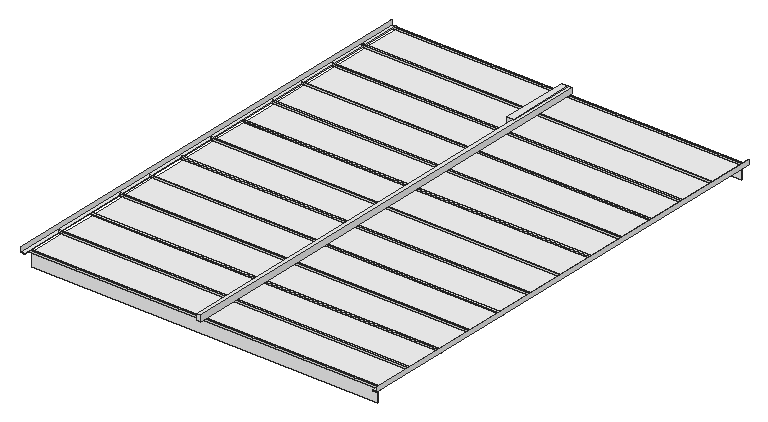
Revit family "Retractable-Canopy_ShadeFX", category Specialty Equipment, Revit 2022
Family settings
  Round Connector Dimension = Use Diameter
  Part Type = Normal
  OmniClass Number = 23.35.00.00
  OmniClass Title = Covering, Cladding, and Finishes
  Work Plane-Based = No
  Always vertical = Yes
  Cut with Voids When Loaded = No
  Maintain Annotation Orientation = No
  Shared = No
  Room Calculation Point = No
Parameters
  URL = "https://www.shadefxcanopies.com/"
  Structure Material [instance] = ShadeFX - Aluminum Finish
  Specification = "https://www.arcat.com/company/shadefx-50995/spec"
  Retracted Length [instance] = if(or(Length = 8' 0", Length < 9' 0"), 1' 0 1/4", if(or(Length = 9' 0", Length < 10' 0"), 1' 2 1/4", if(or(Length = 10' 0", Length < 11' 0"), 2' 2 1/4", if(or(Length = 11' 0", Length < 12' 0"), 2' 4 1/4", if(or(Length = 12' 0", Length < 13' 3"), 2' 6 1/4", if(or(Length = 13' 3", Length < 14' 0"), 2' 6 1/4", if(or(Length = 14' 0", Length < 15' 0"), 2' 8 1/4", if(or(Length = 15' 0", Length = 16' 0"), 2' 8 1/4", if(or(Length = 16' 0", Length < 17' 0"), 2' 10 1/4", if(or(Length = 17' 0", Length < 18' 0"), 3' 0 1/4", if(or(Length = 18' 0", Length < 19' 0"), 3' 0 1/4", if(or(Length = 19' 0", Length < 20' 0"), 3' 2 1/4", if(or(Length = 20' 0", Length < 21' 0"), 3' 2 1/4", if(or(Length = 21' 0", Length < 22' 0"), 3' 4 1/4", if(or(Length = 22' 0", Length < 23' 0"), 3' 6 1/4", if(or(Length = 23' 0", Length < 26' 0"), 3' 6 1/4", if(or(Length = 26' 0", Length < 27' 0"), 3' 10 1/4", if(or(Length = 27' 0", Length < 29' 0"), 4' 0 1/4", if(or(Length = 29' 0", Length < 30' 0"), 4' 2 1/4", if(Length = 30' 0", 4' 2 1/4", 1' 0"))))))))))))))))))))  # 3' - 0 1/4"
  Retracted Canopy [instance] = not(Extended Canopy)  # no
  Motor [instance] = yes
  Max Length and Width [instance] = "Contact us (spec@shadefx.com) for > length 30' x width 20'"
  Width [instance] = 14' - 0"
  Product Page URL = "https://www.arcat.com/company/shadefx-50995"
  Model = "Retractable Canopy."  # constant formula
  Manufacturer = "ShadeFX"  # constant formula
  Length [instance] = 18' - 0"
  Keynote = "10 73 16"
  Gutter [instance] = no
  Track Length [instance] = Length - 0' 8"  # 17' - 4"
  Extended Canopy [instance] = yes
  Description = "Single track retractable canopies."  # constant formula
  Default Elevation = 0' - 0"
  Cover Material [instance] = ShadeFX - Fabric Color
  Copyright = "ARCAT"
  CAD Details = "https://www.arcat.com/company/shadefx-50995/cad"
  # of Wings [instance] = if(or(Length = 8' 0", Length < 9' 0"), 6, if(or(Length = 9' 0", Length < 10' 0"), 7, if(or(Length = 10' 0", Length < 11' 0"), 7, if(or(Length = 11' 0", Length < 12' 0"), 8, if(or(Length = 12' 0", Length < 13' 3"), 9, if(or(Length = 13' 3", Length < 14' 0"), 9, if(or(Length = 14' 0", Length < 15' 0"), 10, if(or(Length = 15' 0", Length = 16' 0"), 10, if(or(Length = 16' 0", Length < 17' 0"), 11, if(or(Length = 17' 0", Length < 18' 0"), 12, if(or(Length = 18' 0", Length < 19' 0"), 12, if(or(Length = 19' 0", Length < 20' 0"), 13, if(or(Length = 20' 0", Length < 21' 0"), 13, if(or(Length = 21' 0", Length < 22' 0"), 14, if(or(Length = 22' 0", Length < 23' 0"), 15, if(or(Length = 23' 0", Length < 24' 0"), 15, if(or(Length = 24' 0", Length < 26' 0"), 16, if(or(Length = 26' 0", Length < 27' 0"), 17, if(or(Length = 27' 0", Length < 29' 0"), 18, if(or(Length = 29' 0", Length < 30' 0"), 19, if(Length = 30' 0", 19, 2)))))))))))))))))))))  # 12
Reference planes (in)
  plane 1 "Center (Front/Back)": y = -60
  plane 2: z = 0
  plane 3 "Center (Left/Right)": x = 8.84676
  plane 4: y = -168
  plane 5: x = -75.15324
  plane 6: x = 92.84676
  plane 7: y = 48
  plane 8: x = -71.15324
  plane 9: x = 88.84676
  plane 10: y = -164
  plane 11: y = 44
  plane 12: z = 120
  plane 13: z = 117
  plane 14 "Canopy Host": z = 113.875
  plane 15: y = 13.5
Forms (in)
  Extrusion 1, solid, material "ShadeFX - Aluminum Finish" <- "Structure Material"
    sketch origin (0, -60, 0) x (1, 0, 0) y (0, 0, 1)
      loop
        line (7.95676, 117) -> (7.95676, 114.48) -> (9.73676, 114.48) -> (9.73676, 117) -> (7.95676, 117)
    from -104 to 104
  Extrusion 2, solid, material "ShadeFX - Aluminum Finish" <- "Structure Material", visible <- "Motor"
    sketch origin (0, -60, 0) x (1, 0, 0) y (0, 0, 1)
      loop
        line (5.02676, 117) -> (5.02676, 114.7) -> (7.95676, 114.7) -> (7.95676, 117) -> (5.02676, 117)
    from -104 to -73.5
  Sweep 3, solid, material "ShadeFX - Aluminum Finish" <- "Structure Material"
    path origin (0, 0, 0) x (1, 0, 0) y (0, 1, 0)
      loop
        line (8.84676, 44) -> (8.84676, -164)
    profile origin (8.84676, -60, 0) x (1, 0, 0) y (0, 0, 1)
      loop
        line (-80, 113.875) -> (-78, 113.875) -> (-78, 114) -> (-79.875, 114) -> (-79.875, 115.875) -> (-80, 115.875) -> (-80, 113.875)
      loop
        line (78, 113.875) -> (80, 113.875) -> (80, 115.875) -> (79.875, 115.875) -> (79.875, 114) -> (78, 114) -> (78, 113.875)
Dimensions and locks (in)
  plane 1 "Center (Front/Back)" to nested 1 = 9' - 0"
  nested 2 to nested 1 = 17' - 4"
  nested 1 to nested 1 = 0' - 4"
  nested 1 to nested 2 = 17' - 4"
  plane 1 "Center (Front/Back)" to nested 3 = 8' - 8"
  nested 3 to nested 1 = 17' - 4"
  nested 1 to plane 1 "Center (Front/Back)" = 9' - 0"
  nested 1 to nested 3 = 17' - 4"
  equal spacing: plane 5, plane 3 "Center (Left/Right)", plane 6
  "Width": plane 5 to plane 6
  equal spacing: plane 4, plane 1 "Center (Front/Back)", plane 7
  "Length": plane 7 to plane 4
  equal spacing: plane 11, plane 1 "Center (Front/Back)", plane 10
  "Track Length": plane 11 to plane 10
  plane 12 to plane 2 = 10' - 0"
  plane 13 to plane 12 = 0' - 3"
  locked: plane 13 to plane 14 "Canopy Host" at 3.125
  locked: plane 13 to Extrusion 1 sketch curve at 2.52
  equal spacing: Extrusion 1 sketch curve, plane 3 "Center (Left/Right)", Extrusion 1 sketch curve
  locked: Extrusion 1 sketch curve to Extrusion 1 sketch curve at 1.78
  plane 3 "Center (Left/Right)" to Extrusion 2 sketch curve to Extrusion 2 sketch curve = 0' - 0.89" locked, 0' - 2.93" locked
  locked: Extrusion 2 sketch curve to Extrusion 2 sketch curve at 2.3
  locked: plane 11 to plane 15 at 30.5
  locked: Sweep 3 sketch curve to plane 8 at 2
  locked: Sweep 3 sketch curve to plane 14 "Canopy Host" at 2  (x2)
  locked: plane 9 to Sweep 3 sketch curve at 2
  locked: Sweep 3 sketch curve to plane 9 at 0.125
  locked: Sweep 3 sketch curve to plane 8 at 0.125
  locked: plane 5 to plane 8 at 4
  locked: plane 9 to plane 6 at 4
  aligned and locked: plane 2 to level
  aligned and locked: plane 3 "Center (Left/Right)" to nested 2
  aligned and locked: nested 3 to plane 11
  aligned and locked: plane 3 "Center (Left/Right)" to nested 3
  aligned and locked: nested 2 to plane 11
  aligned and locked: Extrusion 1 sketch curve to plane 13
  aligned and locked: plane 11 to Extrusion 1
  aligned and locked: Extrusion 1 to plane 10
  aligned and locked: plane 14 "Canopy Host" to nested 2
  aligned and locked: plane 14 "Canopy Host" to nested 3
  aligned and locked: Extrusion 2 sketch curve to plane 13
  aligned and locked: plane 15 to Extrusion 2
  aligned and locked: plane 3 "Center (Left/Right)" to nested 1
  aligned and locked: nested 1 to plane 1 "Center (Front/Back)"
  aligned and locked: Sweep 3 sketch curve to plane 3 "Center (Left/Right)"
  aligned and locked: plane 11 to Sweep 3 sketch curve
  aligned and locked: plane 10 to Sweep 3 sketch curve
  aligned and locked: Sweep 3 sketch curve to plane 14 "Canopy Host"
  aligned and locked: Sweep 3 sketch curve to plane 8
  aligned and locked: Sweep 3 sketch curve to plane 9
  aligned and locked: plane 14 "Canopy Host" to Sweep 3 sketch curve
  aligned and locked: plane 11 to Extrusion 2
Automatic sketch dimensions
  Sweep 3 sketch curve to Sweep 3 sketch curve = 0' - 0 1/8"  (x2)
Nested families (in)
  nested 1: "PIS_Support Structure" at (-73.15324, 46, 0), Structure Material <- "Structure Material", type "PIS_Support Structure"
    with W 14' - 0", L 18' - 0", Gutter no
  nested 2: "PIS_Retractable Canopy" at (8.84676, 44, 113.125), visible <- "Retracted Canopy", Track Length <- "Track Length", Retracted Length <- "Retracted Length", Width <- "Width", # of Wings <- "# of Wings", Structure Material <- "Structure Material", Cover Material <- "Cover Material", type "PIS_Retractable Canopy"
    with Width 14' - 0", Track Length 17' - 4", Structure Material ShadeFX - Aluminum Finish, Retracted Length 3' - 0 1/4", Module Length 1' - 5", Cover Material ShadeFX - Fabric Color, # of Wings 12
  nested 3: "PIS_Extended Canopy" at (8.84676, 40.40833, 113.125), visible <- "Extended Canopy", Cover Material <- "Cover Material", Track Length <- "Track Length", Width <- "Width", # of Wings <- "# of Wings", Structure Material <- "Structure Material", type "PIS_Extended Canopy"
    with Width 14' - 0", Track Length 17' - 4", Structure Material ShadeFX - Aluminum Finish, Module Length 1' - 5", Cover Material ShadeFX - Fabric Color, # of Wings 12
Connectors (in)
  electrical at (6.49176, 44, 115.85)
    settings: on Extrusion 2, index 1, voltage 0 V, apparent load 0 VA, apparent load phase1 0 VA, apparent load phase2 0 VA, apparent load phase3 0 VA, power factor 1, load classification "Motor", number of poles 1, system type 31, power factor state 1, is connector primary yes, connector utility no, sub classification motor no, connector description ""
Definition of nested family "PIS_Retractable Canopy"
  Parameters (values of type "PIS_Retractable Canopy")
    Width [instance] = 9' - 4"
    URL = ""
    Track Length [instance] = 8' - 0"
    Structure Material [instance] = none
    Retracted Length [instance] = 0' - 10"
    Module Length [instance] = (Track Length - (Back Offset + Front Offset + 0' 0 3/4")) / # of Wings  # 1' - 3.33333"
    Manufacturer = ""
    Keynote = ""
    Front Offset = 0' - 3 1/4"
    Default Elevation = 4' - 0"
    Cover Material [instance] = none
    Back Offset = 0' - 0"
    # of Wings [instance] = 6
  Reference planes (in)
    plane 1 "Center (Front/Back)": y = 0
    plane 2: z = 0
    plane 3 "Center (Left/Right)": x = 0
    plane 4: y = -10
    plane 5: y = 0
    plane 6: x = -56
    plane 7: x = -51
    plane 8: x = 56
    plane 9: x = 51
  Dimensions and locks (in)
    locked: plane 6 to plane 7 at 5
    locked: plane 8 to plane 9 at 5
    equal spacing: plane 6, plane 3 "Center (Left/Right)", plane 8
    "Width": plane 6 to plane 8
    "Back Offset": plane 5 to plane 1 "Center (Front/Back)"
    "Retracted Length": plane 4 to plane 5
    equal spacing: group 1, group 3, group 4, group 5, group 6, group 2  (x2)
    equal spacing: group 2, group 6, group 5, group 4, group 3, group 1
    aligned and locked: plane 2 to level
    aligned and locked: plane 3 "Center (Left/Right)" to nested 1
    aligned and locked: nested 1 to plane 5
    aligned and locked: plane 4 to nested 2
  Nested families (in)
    nested 1: "PIS_Retracted Shade" at (0, 0, 0), W <- "Width", Module Length <- "Module Length", Structure Material <- "Structure Material", type "PIS_Retracted Shade"
      with Width of Shade 8' - 6", W 9' - 4", Structure Material none, Module Length 1' - 3.33333", Canopy Drop 0' - 10.79167"
    nested 2: "PIS_Retracted Shade" at (0, -9.25, 0), W <- "Width", Module Length <- "Module Length", Structure Material <- "Structure Material", type "PIS_Retracted Shade"
      with Width of Shade 8' - 6", W 9' - 4", Structure Material none, Module Length 1' - 3.33333", Canopy Drop 0' - 10.79167"
    nested 3: "PIS_Retracted Shade" at (0, -1.85, 0), W <- "Width", Module Length <- "Module Length", Structure Material <- "Structure Material", type "PIS_Retracted Shade"
      with Width of Shade 8' - 6", W 9' - 4", Structure Material none, Module Length 1' - 3.33333", Canopy Drop 0' - 10.79167"
    nested 4: "PIS_Retracted Shade" at (0, -3.7, 0), W <- "Width", Module Length <- "Module Length", Structure Material <- "Structure Material", type "PIS_Retracted Shade"
      with Width of Shade 8' - 6", W 9' - 4", Structure Material none, Module Length 1' - 3.33333", Canopy Drop 0' - 10.79167"
    nested 5: "PIS_Retracted Shade" at (0, -5.55, 0), W <- "Width", Module Length <- "Module Length", Structure Material <- "Structure Material", type "PIS_Retracted Shade"
      with Width of Shade 8' - 6", W 9' - 4", Structure Material none, Module Length 1' - 3.33333", Canopy Drop 0' - 10.79167"
    nested 6: "PIS_Retracted Shade" at (0, -7.4, 0), W <- "Width", Module Length <- "Module Length", Structure Material <- "Structure Material", type "PIS_Retracted Shade"
      with Width of Shade 8' - 6", W 9' - 4", Structure Material none, Module Length 1' - 3.33333", Canopy Drop 0' - 10.79167"
  Definition of nested family "PIS_Retracted Shade"
    Parameters (values of type "PIS_Retracted Shade")
      Width of Shade [instance] = W - 0' 10"  # 9' - 4"
      W [instance] = 10' - 2"
      Structure Material [instance] = none
      Shade Material = none
      Module Length [instance] = 0' - 11"
      Default Elevation = 0' - 0"
      Canopy Drop [instance] = 0' 3 1/8" + (Module Length * 0.5)  # 0' - 8 5/8"
    Reference planes (in)
      plane 1 "Center (Front/Back)": y = 0
      plane 2: z = 0
      plane 3 "Center (Left/Right)": x = 0
      plane 4: x = -56
      plane 5: x = 56
      plane 6: x = -54.5
      plane 7: x = 54.5
      plane 8: x = -61
      plane 9: x = 61
      plane 10: y = -0.375
      plane 11: y = -0.4375
      plane 12: y = -0.3125
      plane 13: z = 0.75
      plane 14: z = -4.75
      plane 15: z = 3.875
    Forms (in)
      Extrusion 1, solid, material <- "Structure Material"
        sketch origin (0, 0, 0) x (1, 0, 0) y (0, 1, 0)
          loop
            line (-56, -0.75) -> (56, -0.75) -> (56, 0) -> (-56, 0) -> (-56, -0.75)
        from 0 to 0.75
      Extrusion 2, solid, material <- "Shade Material"
        sketch origin (-54.5, 5.00454, 48) x (0, -1, 0) y (0, 0, 1)
          loop
            line (5.31704, -52.75) -> (5.44204, -52.75) -> (5.44204, -48) -> (5.31704, -48) -> (5.31704, -52.75)
        from 0 to -109
    Dimensions and locks (in)
      equal spacing: plane 4, plane 3 "Center (Left/Right)", plane 5
      locked: plane 4 to plane 6 at 1.5
      locked: plane 7 to plane 5 at 1.5
      "Width of Shade": plane 4 to plane 5
      "W": plane 8 to plane 9
      equal spacing: plane 12, plane 10, plane 11
      locked: plane 11 to plane 12 at 0.125
      locked: Extrusion 1 sketch curve to plane 1 "Center (Front/Back)" at 0.75
      locked: plane 10 to plane 1 "Center (Front/Back)" at 0.375
      locked: plane 13 to plane 2 at 0.75
      "Canopy Drop": plane 15 to plane 14
      locked: plane 15 to plane 13 at 3.125
      locked: plane 8 to plane 4 at 5
      aligned and locked: plane 2 to level
      aligned and locked: plane 4 to Extrusion 1  (x2)
      aligned and locked: Extrusion 1 sketch curve to plane 5
      aligned and locked: plane 4 to Extrusion 1 sketch curve
      aligned and locked: Extrusion 1 sketch curve to plane 1 "Center (Front/Back)"
      aligned and locked: plane 13 to Extrusion 1
      aligned and locked: plane 14 to Extrusion 2 sketch curve
      aligned and locked: plane 2 to Extrusion 2 sketch curve
      aligned and locked: Extrusion 2 sketch curve to plane 12
      aligned and locked: plane 11 to Extrusion 2 sketch curve
      aligned and locked: Extrusion 2 to plane 7
      aligned and locked: plane 6 to Extrusion 2
Definition of nested family "PIS_Extended Canopy"
  Parameters (values of type "PIS_Extended Canopy")
    Width [instance] = 9' - 4"
    URL = ""
    Track Length [instance] = 23' - 0"
    Structure Material [instance] = none
    Front Offset = 0' - 3 1/4"
    Module Length [instance] = (Track Length - (Back Offset + Front Offset + 0' 0 3/4")) / # of Wings  # 1' - 6.13333"
    Manufacturer = ""
    Keynote = ""
    Default Elevation = 4' - 0"
    Cover Material [instance] = none
    Back Offset = 0' - 0"
    # of Wings [instance] = 15
  Reference planes (in)
    plane 1 "Center (Front/Back)": y = 3.59167
    plane 2: z = 0
    plane 3 "Center (Left/Right)": x = 0
    plane 4: y = 2.84167
    plane 5: y = -15.29167
    plane 6: z = 0.75
    plane 7: x = -56
    plane 8: x = 56
    plane 9: x = -51
    plane 10: x = 51
    plane 11: y = -269.15833
    plane 12: y = -272.40833
    plane 13: y = 3.59167
    plane 14: x = -52
    plane 15: x = 52
    plane 16: x = -49.5
    plane 17: x = 49.5
  Forms (in)
    Extrusion 1, solid, material <- "Structure Material"
      sketch origin (0, 0, 0) x (0, 1, 0) y (0, 0, 1)
        loop
          line (3.59167, 0.75) -> (2.84167, 0.75) -> (2.84167, 0) -> (3.59167, 0) -> (3.59167, 0.75)
      from -51 to 51
    Extrusion 2, solid, material <- "Cover Material"
      sketch origin (-51, 8.08845, 216) x (0, 1, 0) y (0, 0, 1)
        loop
          line (-276.87178, -216) -> (-276.93428, -216) -> (-276.93428, -222) -> (-276.87178, -222) -> (-276.87178, -216)
        loop
          line (-4.8272, -216) -> (-4.8897, -216) -> (-4.8897, -222) -> (-4.8272, -222) -> (-4.8272, -216)
      from 1.5 to 100.5
  Dimensions and locks (in)
    locked: plane 13 to plane 4 at 0.75
    "Module Length": plane 4 to plane 5
    locked: plane 6 to plane 2 at 0.75
    equal spacing: plane 7, plane 3 "Center (Left/Right)", plane 8
    "Width": plane 7 to plane 8
    plane 7 to plane 14 to plane 9 = 0' - 4" locked, 0' - 1" locked
    plane 10 to plane 15 to plane 8 = 0' - 1" locked, 0' - 4" locked
    "Front Offset": plane 11 to plane 12
    equal spacing: group 1, group 3, group 4, group 5, group 6, group 7, group 8, group 9, group 10, group 11, group 12, group 13, group 14, group 15, group 2  (x2)
    equal spacing: group 2, group 15, group 14, group 13, group 12, group 11, group 10, group 9, group 8, group 7, group 6, group 5, group 4, group 3, group 1
    plane 1 "Center (Front/Back)" to plane 13 = 0' - 0"
    "Back Offset": plane 1 "Center (Front/Back)" to plane 13
    "Track Length": plane 1 "Center (Front/Back)" to plane 12
    locked: plane 2 to Extrusion 2 sketch curve at 6  (x2)
    Extrusion 2 sketch curve to Extrusion 2 sketch curve to plane 11 = 0' - 0 1/16" locked, 0' - 0 5/16" locked
    plane 13 to Extrusion 2 sketch curve to Extrusion 2 sketch curve = 0' - 0.33042" locked, 0' - 0 1/16" locked
    locked: plane 9 to plane 16 at 1.5
    locked: plane 17 to plane 10 at 1.5
    aligned and locked: plane 2 to level
    aligned and locked: plane 3 "Center (Left/Right)" to nested 1
    aligned and locked: nested 1 to plane 4
    aligned and locked: plane 6 to Extrusion 1 sketch curve
    aligned and locked: plane 4 to Extrusion 1 sketch curve
    aligned and locked: plane 2 to Extrusion 1 sketch curve
    aligned and locked: Extrusion 1 to plane 9
    aligned and locked: plane 10 to Extrusion 1
    aligned and locked: nested 2 to plane 11
    aligned and locked: plane 13 to Extrusion 1 sketch curve
    aligned and locked: plane 2 to Extrusion 2 sketch curve
    aligned and locked: Extrusion 2 sketch curve to plane 2
    aligned and locked: plane 16 to Extrusion 2
    aligned and locked: Extrusion 2 to plane 17
  Nested families (in)
    nested 1: "PIS_Extended Shade" at (1.98455, 3.71667, 0), Cover Material <- "Cover Material", Module Length <- "Module Length", W <- "Width", Structure Material <- "Structure Material", type "PIS_Extended Shade"
      with Width of Extended Canopy 8' - 6", W 9' - 4", Structure Material none, Module Length 1' - 6.13333", Cover Material none
    nested 2: "PIS_Extended Shade" at (1.98455, -250.15, 0), Cover Material <- "Cover Material", Module Length <- "Module Length", W <- "Width", Structure Material <- "Structure Material", type "PIS_Extended Shade"
      with Width of Extended Canopy 8' - 6", W 9' - 4", Structure Material none, Module Length 1' - 6.13333", Cover Material none
    nested 3: "PIS_Extended Shade" at (1.98455, -14.41667, 0), Cover Material <- "Cover Material", Module Length <- "Module Length", W <- "Width", Structure Material <- "Structure Material", type "PIS_Extended Shade"
      with Width of Extended Canopy 8' - 6", W 9' - 4", Structure Material none, Module Length 1' - 6.13333", Cover Material none
    nested 4: "PIS_Extended Shade" at (1.98455, -32.55, 0), Cover Material <- "Cover Material", Module Length <- "Module Length", W <- "Width", Structure Material <- "Structure Material", type "PIS_Extended Shade"
      with Width of Extended Canopy 8' - 6", W 9' - 4", Structure Material none, Module Length 1' - 6.13333", Cover Material none
    nested 5: "PIS_Extended Shade" at (1.98455, -50.68333, 0), Cover Material <- "Cover Material", Module Length <- "Module Length", W <- "Width", Structure Material <- "Structure Material", type "PIS_Extended Shade"
      with Width of Extended Canopy 8' - 6", W 9' - 4", Structure Material none, Module Length 1' - 6.13333", Cover Material none
    nested 6: "PIS_Extended Shade" at (1.98455, -68.81667, 0), Cover Material <- "Cover Material", Module Length <- "Module Length", W <- "Width", Structure Material <- "Structure Material", type "PIS_Extended Shade"
      with Width of Extended Canopy 8' - 6", W 9' - 4", Structure Material none, Module Length 1' - 6.13333", Cover Material none
    nested 7: "PIS_Extended Shade" at (1.98455, -86.95, 0), Cover Material <- "Cover Material", Module Length <- "Module Length", W <- "Width", Structure Material <- "Structure Material", type "PIS_Extended Shade"
      with Width of Extended Canopy 8' - 6", W 9' - 4", Structure Material none, Module Length 1' - 6.13333", Cover Material none
    nested 8: "PIS_Extended Shade" at (1.98455, -105.08333, 0), Cover Material <- "Cover Material", Module Length <- "Module Length", W <- "Width", Structure Material <- "Structure Material", type "PIS_Extended Shade"
      with Width of Extended Canopy 8' - 6", W 9' - 4", Structure Material none, Module Length 1' - 6.13333", Cover Material none
    nested 9: "PIS_Extended Shade" at (1.98455, -123.21667, 0), Cover Material <- "Cover Material", Module Length <- "Module Length", W <- "Width", Structure Material <- "Structure Material", type "PIS_Extended Shade"
      with Width of Extended Canopy 8' - 6", W 9' - 4", Structure Material none, Module Length 1' - 6.13333", Cover Material none
    nested 10: "PIS_Extended Shade" at (1.98455, -141.35, 0), Cover Material <- "Cover Material", Module Length <- "Module Length", W <- "Width", Structure Material <- "Structure Material", type "PIS_Extended Shade"
      with Width of Extended Canopy 8' - 6", W 9' - 4", Structure Material none, Module Length 1' - 6.13333", Cover Material none
    nested 11: "PIS_Extended Shade" at (1.98455, -159.48333, 0), Cover Material <- "Cover Material", Module Length <- "Module Length", W <- "Width", Structure Material <- "Structure Material", type "PIS_Extended Shade"
      with Width of Extended Canopy 8' - 6", W 9' - 4", Structure Material none, Module Length 1' - 6.13333", Cover Material none
    nested 12: "PIS_Extended Shade" at (1.98455, -177.61667, 0), Cover Material <- "Cover Material", Module Length <- "Module Length", W <- "Width", Structure Material <- "Structure Material", type "PIS_Extended Shade"
      with Width of Extended Canopy 8' - 6", W 9' - 4", Structure Material none, Module Length 1' - 6.13333", Cover Material none
    nested 13: "PIS_Extended Shade" at (1.98455, -195.75, 0), Cover Material <- "Cover Material", Module Length <- "Module Length", W <- "Width", Structure Material <- "Structure Material", type "PIS_Extended Shade"
      with Width of Extended Canopy 8' - 6", W 9' - 4", Structure Material none, Module Length 1' - 6.13333", Cover Material none
    nested 14: "PIS_Extended Shade" at (1.98455, -213.88333, 0), Cover Material <- "Cover Material", Module Length <- "Module Length", W <- "Width", Structure Material <- "Structure Material", type "PIS_Extended Shade"
      with Width of Extended Canopy 8' - 6", W 9' - 4", Structure Material none, Module Length 1' - 6.13333", Cover Material none
    nested 15: "PIS_Extended Shade" at (1.98455, -232.01667, 0), Cover Material <- "Cover Material", Module Length <- "Module Length", W <- "Width", Structure Material <- "Structure Material", type "PIS_Extended Shade"
      with Width of Extended Canopy 8' - 6", W 9' - 4", Structure Material none, Module Length 1' - 6.13333", Cover Material none
  Definition of nested family "PIS_Extended Shade"
    Parameters (values of type "PIS_Extended Shade")
      Width of Extended Canopy [instance] = W - 0' 10"  # 8' - 0"
      W [instance] = 8' - 10"
      Structure Material [instance] = none
      Module Length [instance] = 1' - 2 5/8"
      Default Elevation = 0' - 0"
      Cover Material [instance] = none
    Reference planes (in)
      plane 1 "Center (Front/Back)": y = -0.875
      plane 2: z = 0
      plane 3 "Center (Left/Right)": x = -1.98455
      plane 4: x = -54.98455
      plane 5: x = 51.01545
      plane 6: x = -49.98455
      plane 7: x = 46.01545
      plane 8: y = -15.5
      plane 9: y = -14.75
      plane 10: x = -48.48455
      plane 11: x = 44.51545
    Forms (in)
      Extrusion 1, solid, material <- "Cover Material"
        sketch origin (0, 0, 0) x (1, 0, 0) y (0, 1, 0)
          loop
            line (-48.48455, -14.75) -> (44.51545, -14.75) -> (44.51545, -0.875) -> (-48.48455, -0.875) -> (-48.48455, -14.75)
        from 0 to 0.0625
      Extrusion 2, solid, material <- "Structure Material"
        sketch origin (0, 0, 0) x (1, 0, 0) y (0, 1, 0)
          loop
            line (-49.98455, -14.75) -> (-49.98455, -15.5) -> (46.01545, -15.5) -> (46.01545, -14.75) -> (-49.98455, -14.75)
        from 0 to 0.75
    Dimensions and locks (in)
      equal spacing: plane 4, plane 3 "Center (Left/Right)", plane 5
      "W": plane 4 to plane 5
      plane 4 to plane 6 = 0' - 5"
      "Width of Extended Canopy": plane 6 to plane 7
      plane 8 to plane 1 "Center (Front/Back)" = 1' - 2 5/8"
      plane 9 to plane 8 = 0' - 0 3/4"
      "Module Length": plane 8 to plane 1 "Center (Front/Back)"
      locked: plane 6 to plane 10 at 1.5
      locked: plane 11 to plane 7 at 1.5
      aligned and locked: plane 2 to level
      aligned and locked: Extrusion 2 to plane 6
      aligned and locked: Extrusion 2 to plane 8
      aligned and locked: Extrusion 2 to Extrusion 1
      aligned and locked: plane 9 to Extrusion 2 sketch curve
      aligned and locked: Extrusion 2 sketch curve to plane 7
      aligned and locked: Extrusion 1 sketch curve to plane 1 "Center (Front/Back)"
      aligned and locked: Extrusion 1 to plane 2
      aligned and locked: Extrusion 1 sketch curve to plane 10
      aligned and locked: Extrusion 1 sketch curve to plane 11
    Automatic sketch dimensions
      plane 9 to Extrusion 1 sketch curve = 0' - 0"
      Extrusion 2 sketch curve to plane 6 = 0' - 0"
      Extrusion 2 sketch curve to plane 8 = 0' - 0"
Definition of nested family "PIS_Support Structure"
  Parameters (values of type "PIS_Support Structure")
    W = 10' - 0"
    Support 4 = no
    Support 3 = no
    Support 2 = no
    Support 1 = no
    Structure Material [instance] = none
    Right Support = no
    Left Support = no
    L = 12' - 0"
    Height of Support = 10' - 0"
    Gutter = yes
    Front Support = no
    Default Elevation = 0' - 0"
    Center Ridge = no
    Back Support = no
  Reference planes (in)
    plane 1: y = 0
    plane 2: z = 0
    plane 3: x = 0
    plane 4: y = -140
    plane 5: x = 116
    plane 6 "Center (Left/Right)": x = 58
    plane 7: z = 120
    plane 8: z = 117
    plane 9: z = 116
    plane 10: z = 119
    plane 11: x = -2
    plane 12: x = 2
    plane 13: x = 114
    plane 14: x = 118
    plane 15: y = -142
    plane 16: y = -138
    plane 17: y = -2
    plane 18: y = 2
    plane 19: z = 106
    plane 20: z = 102
    plane 21 "Center (Front/Back)": y = -70
    plane 22: x = 114.25
    plane 23: x = 1.75
  Forms (in)
    Extrusion 1, solid, material <- "Structure Material", visible <- "Support 2"
      sketch origin (0, -212, 0) x (1, 0, 0) y (0, 1, 0)
        loop
          line (-2, 74) -> (-2, 70) -> (2, 70) -> (2, 74) -> (-2, 74)
        loop
          line (-1.75, 73.75) -> (-1.75, 70.25) -> (1.75, 70.25) -> (1.75, 73.75) -> (-1.75, 73.75)
      from 6 to 120
    Extrusion 2, solid, material <- "Structure Material", visible <- "Support 1"
      sketch origin (0, 0, 0) x (1, 0, 0) y (0, 1, 0)
        loop
          line (-2, 2) -> (-2, -2) -> (2, -2) -> (2, 2) -> (-2, 2)
        loop
          line (-1.75, 1.75) -> (-1.75, -1.75) -> (1.75, -1.75) -> (1.75, 1.75) -> (-1.75, 1.75)
      from 6 to 120
    Extrusion 3, solid, material <- "Structure Material", visible <- "Support 3"
      sketch origin (212, 0, 0) x (1, 0, 0) y (0, 1, 0)
        loop
          line (-98, 2) -> (-98, -2) -> (-94, -2) -> (-94, 2) -> (-98, 2)
        loop
          line (-97.75, 1.75) -> (-97.75, -1.75) -> (-94.23695, -1.75) -> (-94.23695, 1.75) -> (-97.75, 1.75)
      from 6 to 120
    Extrusion 4, solid, material <- "Structure Material", visible <- "Support 4"
      sketch origin (212, -212, 0) x (1, 0, 0) y (0, 1, 0)
        loop
          line (-98, 74) -> (-98, 70) -> (-94, 70) -> (-94, 74) -> (-98, 74)
        loop
          line (-97.75, 73.75) -> (-97.75, 70.25) -> (-94.25, 70.25) -> (-94.25, 73.75) -> (-97.75, 73.75)
      from 6 to 120
    Extrusion 5, solid, material <- "Structure Material", visible <- "Left Support"
      sketch origin (0, 0, 0) x (1, 0, 0) y (0, 0, 1)
        loop
          line (-2, 120) -> (-2, 116) -> (2, 116) -> (2, 120) -> (-2, 120)
        loop
          line (-1.75, 119.75) -> (-1.75, 116.25) -> (1.75, 116.25) -> (1.75, 119.75) -> (-1.75, 119.75)
      from 2 to 138
    Extrusion 6, solid, material <- "Structure Material", visible <- "Right Support"
      sketch origin (212, 0, 0) x (1, 0, 0) y (0, 0, 1)
        loop
          line (-98, 120) -> (-98, 116) -> (-94, 116) -> (-94, 120) -> (-98, 120)
        loop
          line (-97.75, 119.75) -> (-97.75, 116.25) -> (-94.25, 116.25) -> (-94.25, 119.75) -> (-97.75, 119.75)
      from 2 to 138
    Extrusion 7, solid, material <- "Structure Material", visible <- "Back Support"
      sketch origin (106, 0, 0) x (0, -1, 0) y (0, 0, 1)
        loop
          line (-2, 120) -> (-2, 116) -> (2, 116) -> (2, 120) -> (-2, 120)
        loop
          line (-1.75, 119.75) -> (-1.75, 116.25) -> (1.75, 116.25) -> (1.75, 119.75) -> (-1.75, 119.75)
      from -8 to 104
    Extrusion 8, solid, material <- "Structure Material", visible <- "Front Support"
      sketch origin (106, -212, 0) x (0, -1, 0) y (0, 0, 1)
        loop
          line (-74, 120) -> (-74, 116) -> (-70, 116) -> (-70, 120) -> (-74, 120)
        loop
          line (-73.75, 119.75) -> (-73.75, 116.25) -> (-70.25, 116.25) -> (-70.25, 119.75) -> (-73.75, 119.75)
      from -8 to 104
    Extrusion 9, solid, material <- "Structure Material", visible <- "Center Ridge"
      sketch origin (-2, 0, 0) x (1, 0, 0) y (0, 1, 0)
        loop
          line (57.375, -2) -> (57.375, -138) -> (62.625, -138) -> (62.625, -2) -> (57.375, -2)
      from 117 to 120
    Extrusion 10, solid, material <- "Structure Material", visible <- "Gutter"
      sketch origin (0, 0, 0) x (1, 0, 0) y (0, 0, 1)
        loop
          line (5.5, 106) -> (5.5, 102.25) -> (2, 102.25) -> (2, 106) -> (1.75, 106) -> (1.75, 102) -> (5.75, 102) -> (5.75, 106) -> (5.5, 106)
      from 2 to 138
    Extrusion 11, solid, material <- "Structure Material", visible <- "Gutter"
      sketch origin (212, 0, 0) x (1, 0, 0) y (0, 0, 1)
        loop
          line (-98, 106) -> (-98, 102.25) -> (-101.5, 102.25) -> (-101.5, 106) -> (-101.75, 106) -> (-101.75, 102) -> (-97.75, 102) -> (-97.75, 106) -> (-98, 106)
      from 2 to 138
    Extrusion 12, solid, material <- "Structure Material", visible <- "Gutter"
      sketch origin (0, 0, 0) x (0, 1, 0) y (0, 0, 1)
        loop
          line (-2, 116) -> (-138, 116) -> (-138, 106) -> (-2, 106) -> (-2, 116)
      from 1.75 to 2
    Extrusion 13, solid, material <- "Structure Material", visible <- "Gutter"
      sketch origin (219.25, 0, 0) x (0, 1, 0) y (0, 0, 1)
        loop
          line (-2, 116) -> (-138, 116) -> (-138, 106) -> (-2, 106) -> (-2, 116)
      from -105.25 to -105
  Dimensions and locks (in)
    Extrusion 9 sketch curve to plane 6 "Center (Left/Right)" to Extrusion 9 sketch curve = 0' - 2 5/8" locked, 0' - 2 5/8" locked
    "Height of Support": plane 7 to level
    locked: plane 7 to plane 8 at 3
    locked: plane 7 to plane 9 at 4
    locked: plane 10 to plane 7 at 1
    locked: plane 11 to plane 12 at 4
    equal spacing: plane 11, plane 3, plane 12
    locked: plane 13 to plane 14 at 4
    equal spacing: plane 13, plane 5, plane 14
    locked: plane 18 to plane 17 at 4
    equal spacing: plane 18, plane 1, plane 17
    locked: plane 16 to plane 15 at 4
    equal spacing: plane 16, plane 4, plane 15
    "W": plane 11 to plane 14
    equal spacing: plane 3, plane 6 "Center (Left/Right)", plane 5
    "L": plane 18 to plane 15
    locked: plane 19 to plane 20 at 4
    locked: plane 7 to plane 20 at 18
    equal spacing: plane 18, plane 21 "Center (Front/Back)", plane 15
    locked: Extrusion 11 sketch curve to Extrusion 11 sketch curve at 0.25  (x3)
    locked: plane 13 to plane 22 at 0.25
    locked: Extrusion 10 sketch curve to Extrusion 10 sketch curve at 0.25  (x3)
    locked: plane 23 to plane 12 at 0.25
    aligned and locked: level to plane 2
    aligned and locked: Extrusion 9 to Extrusion 7  (x2)
    aligned and locked: Extrusion 9 to Extrusion 8
    aligned and locked: Extrusion 1 to plane 7
    aligned and locked: Extrusion 5 to plane 7
    aligned and locked: Extrusion 2 to plane 7
    aligned and locked: plane 7 to Extrusion 1
    aligned and locked: Extrusion 8 to plane 7
    aligned and locked: Extrusion 7 to plane 7
    aligned and locked: plane 7 to Extrusion 8
    aligned and locked: Extrusion 9 to plane 7
    aligned and locked: Extrusion 4 to plane 7
    aligned and locked: Extrusion 6 to plane 7
    aligned and locked: Extrusion 3 to plane 7
    aligned and locked: plane 7 to Extrusion 4
    aligned and locked: plane 8 to Extrusion 9
    aligned and locked: plane 9 to Extrusion 8
    aligned and locked: plane 9 to Extrusion 7
    aligned and locked: Extrusion 8 to plane 9  (x4)
    aligned and locked: plane 9 to Extrusion 5  (x8)
    aligned and locked: plane 9 to Extrusion 6
    aligned and locked: plane 3 to nested 1
    aligned and locked: plane 3 to nested 4
    aligned and locked: nested 2 to plane 5
    aligned and locked: nested 3 to plane 5
    aligned and locked: plane 4 to nested 3
    aligned and locked: plane 4 to nested 4
    aligned and locked: plane 1 to nested 1
    aligned and locked: plane 1 to nested 2
    aligned and locked: Extrusion 1 to nested 4
    aligned and locked: Extrusion 2 to nested 1
    aligned and locked: Extrusion 3 to nested 2
    aligned and locked: Extrusion 4 to nested 3
    aligned and locked: plane 11 to Extrusion 2
    aligned and locked: plane 11 to Extrusion 5
    aligned and locked: Extrusion 2 to plane 12
    aligned and locked: Extrusion 5 to plane 12
    aligned and locked: Extrusion 7 to Extrusion 2
    aligned and locked: Extrusion 7 to Extrusion 3
    aligned and locked: Extrusion 6 to Extrusion 3
    aligned and locked: Extrusion 6 to Extrusion 4
    aligned and locked: Extrusion 8 to Extrusion 4
    aligned and locked: Extrusion 8 to Extrusion 1
    aligned and locked: Extrusion 5 to Extrusion 1
    aligned and locked: plane 13 to Extrusion 3
    aligned and locked: plane 13 to Extrusion 4
    aligned and locked: plane 18 to Extrusion 2
    aligned and locked: plane 18 to Extrusion 7
    aligned and locked: plane 18 to Extrusion 3
    aligned and locked: Extrusion 1 to plane 15
    aligned and locked: Extrusion 8 to plane 15
    aligned and locked: Extrusion 4 to plane 15
    aligned and locked: plane 16 to Extrusion 4
    aligned and locked: plane 16 to Extrusion 1
    aligned and locked: Extrusion 11 to Extrusion 2
    aligned and locked: Extrusion 11 to Extrusion 1
    aligned and locked: Extrusion 10 to Extrusion 1
    aligned and locked: Extrusion 10 to Extrusion 2
    aligned and locked: Extrusion 12 sketch curve to Extrusion 5  (x2)
    aligned and locked: Extrusion 12 sketch curve to Extrusion 10
    aligned and locked: Extrusion 1 to Extrusion 12  (x2)
    aligned and locked: plane 19 to Extrusion 13
    aligned and locked: Extrusion 13 to plane 9
    aligned and locked: Extrusion 3 to Extrusion 13
    aligned and locked: Extrusion 13 to plane 22
    aligned and locked: Extrusion 2 to Extrusion 12
    aligned and locked: plane 23 to Extrusion 12
  Automatic sketch dimensions
    Extrusion 1 sketch curve to plane 11 = 0' - 0"
    plane 12 to Extrusion 1 sketch curve = 0' - 0"
    Extrusion 1 sketch curve to plane 15 = 0' - 0"
    Extrusion 1 sketch curve to plane 16 = 0' - 0"
    Extrusion 1 sketch curve to plane 11 = 0' - 0 1/4"
    plane 12 to Extrusion 1 sketch curve = 0' - 0 1/4"
    plane 15 to Extrusion 1 sketch curve = 0' - 0 1/4"
    Extrusion 1 sketch curve to plane 16 = 0' - 0 1/4"
    Extrusion 2 sketch curve to plane 11 = 0' - 0"
    Extrusion 2 sketch curve to plane 12 = 0' - 0"
    Extrusion 2 sketch curve to plane 17 = 0' - 0"
    Extrusion 2 sketch curve to plane 18 = 0' - 0"
    Extrusion 2 sketch curve to plane 11 = 0' - 0 1/4"
    plane 12 to Extrusion 2 sketch curve = 0' - 0 1/4"
    plane 17 to Extrusion 2 sketch curve = 0' - 0 1/4"
    Extrusion 2 sketch curve to plane 18 = 0' - 0 1/4"
    Extrusion 3 sketch curve to plane 13 = 0' - 0"
    Extrusion 3 sketch curve to plane 22 = 0' - 0"
    Extrusion 3 sketch curve to plane 14 = 0' - 0"
    Extrusion 3 sketch curve to plane 17 = 0' - 0"
    Extrusion 3 sketch curve to plane 18 = 0' - 0"
    plane 14 to Extrusion 3 sketch curve = 0' - 0.23695"
    plane 17 to Extrusion 3 sketch curve = 0' - 0 1/4"
    Extrusion 3 sketch curve to plane 18 = 0' - 0 1/4"
    Extrusion 4 sketch curve to plane 13 = 0' - 0"
    Extrusion 4 sketch curve to plane 22 = 0' - 0"
    Extrusion 4 sketch curve to plane 14 = 0' - 0"
    Extrusion 4 sketch curve to plane 15 = 0' - 0"
    Extrusion 4 sketch curve to plane 16 = 0' - 0"
    plane 14 to Extrusion 4 sketch curve = 0' - 0 1/4"
    plane 15 to Extrusion 4 sketch curve = 0' - 0 1/4"
    Extrusion 4 sketch curve to plane 16 = 0' - 0 1/4"
    Extrusion 5 sketch curve to plane 9 = 0' - 0"
    plane 11 to Extrusion 5 sketch curve = 0' - 0"
    Extrusion 5 sketch curve to plane 7 = 0' - 0"
    plane 12 to Extrusion 5 sketch curve = 0' - 0"
    Extrusion 5 sketch curve to plane 11 = 0' - 0 1/4"
    plane 12 to Extrusion 5 sketch curve = 0' - 0 1/4"
    Extrusion 5 sketch curve to plane 9 = 0' - 0 1/4"
    plane 7 to Extrusion 5 sketch curve = 0' - 0 1/4"
    Extrusion 6 sketch curve to plane 9 = 0' - 0"
    plane 13 to Extrusion 6 sketch curve = 0' - 0"
    plane 22 to Extrusion 6 sketch curve = 0' - 0"
    Extrusion 6 sketch curve to plane 7 = 0' - 0"
    plane 14 to Extrusion 6 sketch curve = 0' - 0"
    plane 14 to Extrusion 6 sketch curve = 0' - 0 1/4"
    Extrusion 6 sketch curve to plane 9 = 0' - 0 1/4"
    plane 7 to Extrusion 6 sketch curve = 0' - 0 1/4"
    plane 9 to Extrusion 7 sketch curve = 0' - 0"
    Extrusion 7 sketch curve to plane 18 = 0' - 0"
    plane 7 to Extrusion 7 sketch curve = 0' - 0"
    Extrusion 7 sketch curve to plane 17 = 0' - 0"
    Extrusion 7 sketch curve to plane 18 = 0' - 0 1/4"
    plane 17 to Extrusion 7 sketch curve = 0' - 0 1/4"
    Extrusion 7 sketch curve to plane 9 = 0' - 0 1/4"
    plane 7 to Extrusion 7 sketch curve = 0' - 0 1/4"
    plane 9 to Extrusion 8 sketch curve = 0' - 0"
    Extrusion 8 sketch curve to plane 16 = 0' - 0"
    plane 7 to Extrusion 8 sketch curve = 0' - 0"
    Extrusion 8 sketch curve to plane 15 = 0' - 0"
    Extrusion 8 sketch curve to plane 16 = 0' - 0 1/4"
    plane 15 to Extrusion 8 sketch curve = 0' - 0 1/4"
    Extrusion 8 sketch curve to plane 9 = 0' - 0 1/4"
    plane 7 to Extrusion 8 sketch curve = 0' - 0 1/4"
    Extrusion 9 sketch curve to plane 16 = 0' - 0"
    Extrusion 9 sketch curve to plane 17 = 0' - 0"
    Extrusion 10 sketch curve to plane 19 = 0' - 0"  (x2)
    Extrusion 10 sketch curve to plane 20 = 0' - 0"
    plane 12 to Extrusion 10 sketch curve = 0' - 0"
    Extrusion 10 sketch curve to plane 12 = 0' - 3 1/2"
    Extrusion 11 sketch curve to plane 19 = 0' - 0"  (x2)
    Extrusion 11 sketch curve to plane 20 = 0' - 0"
    plane 13 to Extrusion 11 sketch curve = 0' - 0"
    plane 13 to Extrusion 11 sketch curve = 0' - 3 1/2"
    plane 9 to Extrusion 13 sketch curve = 0' - 0"
    Extrusion 13 sketch curve to plane 16 = 0' - 0"
    Extrusion 13 sketch curve to plane 17 = 0' - 0"
    plane 19 to Extrusion 13 sketch curve = 0' - 0"
    plane 19 to Extrusion 12 sketch curve = 0' - 0"
  Nested families (in)
    nested 1: "PIS_Base Support" at (0, 0, 0), visible <- "Support 1", Material <- "Structure Material", type "PIS_Base Support"
      with Material none
    nested 2: "PIS_Base Support" at (116, 0, 0), visible <- "Support 3", Material <- "Structure Material", type "PIS_Base Support"
      with Material none
    nested 3: "PIS_Base Support" at (116, -140, 0), visible <- "Support 4", Material <- "Structure Material", type "PIS_Base Support"
      with Material none
    nested 4: "PIS_Base Support" at (0, -140, 0), visible <- "Support 2", Material <- "Structure Material", type "PIS_Base Support"
      with Material none
  Definition of nested family "PIS_Base Support"
    Parameters (values of type "PIS_Base Support")
      Material [instance] = none
      Default Elevation = 0' - 0"
    Reference planes (in)
      plane 1 "Center (Front/Back)": y = 0
      plane 2: z = 0
      plane 3 "Center (Left/Right)": x = 0
    Forms (in)
      Extrusion 1, solid, material <- "Material"
        sketch origin (0, 0, 0) x (1, 0, 0) y (0, 1, 0)
          loop
            line (3.655, 3.655) -> (-3.655, 3.655) -> (-3.655, -3.655) -> (3.655, -3.655) -> (3.655, 3.655)
        from 0 to 5.23828
      Blend 2, solid, material <- "Material"
        base sketch origin (0, 0, 0) x (1, 0, 0) y (0, 1, 0)
          loop
            line (-3.655, 3.655) -> (-3.655, -3.655) -> (3.655, -3.655) -> (3.655, 3.655) -> (-3.655, 3.655)
        top sketch origin (0, 0, 0) x (1, 0, 0) y (0, 1, 0)
          loop
            line (-2, 2) -> (-2, -2) -> (2, -2) -> (2, 2) -> (-2, 2)
        from 5.23828 to 6
    Dimensions and locks (in)
      aligned and locked: plane 2 to level
      aligned and locked: Blend 2 to Extrusion 1
